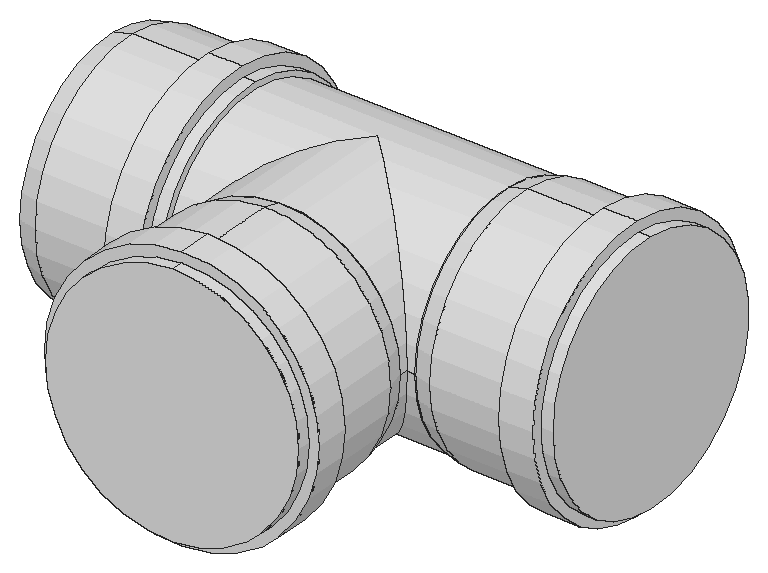
Revit family "Redi_Фитинг_ПВХ_Тройник_Большой_Радиус_Закругления", category Соединительные детали трубопроводов, Revit 2019
Family settings
  Размер круглого соединителя = Использовать диаметр
  Тип детали = Тройник
  На основе рабочей плоскости = Нет
  Всегда вертикально = Да
  При загрузке вырезать с полостями = Нет
  Общий = Нет
Parameters (values of type "Redi")
  Угол [instance] = 87.00°
  Типовой = no
  Раструб Длина [instance] = size_lookup(Поиск в таблице имен, "LR1", ADSK_Диаметр условный * 2, ADSK_Диаметр условный, Диаметр условный 1, ADSK_Угол)  # 55.6 mm
  Раструб Видимость 1.2 [instance] = and(not(Угол > 90.00°), Раструб Подводящий)  # yes
  Раструб Видимость 2.2 [instance] = and(Угол > 90.00°, Раструб Подводящий)  # no
  Поиск в таблице имен 4 = ""
  Поиск в таблице имен 3 = ""
  Поиск в таблице имен 2 = "Redi_Фитинг_ПВХ_Тройник_Большой_Радиус_Закругления"
  Поиск в таблице имен = "Redi_Фитинг_ПВХ_Тройник_Большой_Радиус_Закругления"
  Размер засечки 2 [instance] = 50 mm  # constant formula
  Размер засечки 1 [instance] = 50 mm  # constant formula
  Раструб Подводящий [instance] = yes
  Description = ""
  Наименование [instance] = size_lookup(Поиск в таблице имен, "ADSK_Наименование", "Решение не найдено", ADSK_Диаметр условный, Диаметр условный 1, ADSK_Угол)  # "Тройник с большим радиусом закругления 87.3° DN110"
  Материал = 05 Пластик ПВХ Белый
  Assembly Code = ""
  Manufacturer = ""
  Раструб Видимость 2.1 [instance] = Угол > 90.00°  # no
  Раструб Видимость 1.1 [instance] = not(Угол > 90.00°)  # yes
  Z3 [instance] = if(Угол > 90.00°, if(Раструб Подводящий, size_lookup(Поиск в таблице имен, "z1", ADSK_Диаметр условный * 2, ADSK_Диаметр условный, Диаметр условный 1, ADSK_Угол), size_lookup(Поиск в таблице имен, "z1", ADSK_Диаметр условный * 2, ADSK_Диаметр условный, Диаметр условный 1, ADSK_Угол) + Раструб Длина), size_lookup(Поиск в таблице имен, "z3", ADSK_Диаметр условный * 2, ADSK_Диаметр условный, Диаметр условный 1, ADSK_Угол))  # 62 mm
  Z2 [instance] = size_lookup(Поиск в таблице имен, "z2", ADSK_Диаметр условный * 2, ADSK_Диаметр условный, Диаметр условный 1, ADSK_Угол)  # 62 mm
  Z1 [instance] = if(Угол > 90.00°, size_lookup(Поиск в таблице имен, "z3", ADSK_Диаметр условный * 2, ADSK_Диаметр условный, Диаметр условный 1, ADSK_Угол), if(Раструб Подводящий, size_lookup(Поиск в таблице имен, "z1", ADSK_Диаметр условный * 2, ADSK_Диаметр условный, Диаметр условный 1, ADSK_Угол), size_lookup(Поиск в таблице имен, "z1", ADSK_Диаметр условный * 2, ADSK_Диаметр условный, Диаметр условный 1, ADSK_Угол) + Раструб Длина))  # 57 mm
  URL = ""
  Диаметр условный 1 [instance] = 110 mm
  ADSK_Угол [instance] = if(or(Угол < 57.50°, Угол > 122.50°), 45.00°, if(or(Угол < 79.00°, Угол > 101.00°), 67.30°, 87.30°))  # 87.30°
  ADSK_Наименование краткое = "Тр."  # constant formula
  ADSK_Наименование [instance] = size_lookup(Поиск в таблице имен, "ADSK_Наименование", "Решение не найдено", ADSK_Диаметр условный, Диаметр условный 1, ADSK_Угол)  # "Тройник с большим радиусом закругления 87.3° DN110"
  ADSK_Масса_Текст [instance] = ""
  ADSK_Масса [instance] = 0
  ADSK_Марка = ""
  ADSK_Код изделия [instance] = size_lookup(Поиск в таблице имен 2, "ADSK_Код изделия", "Решение не найдено", ADSK_Диаметр условный, Диаметр условный 1, ADSK_Угол)  # "891355"
  ADSK_Завод-изготовитель = "Redi"  # constant formula
  ADSK_Единица измерения = "шт."  # constant formula
  ADSK_Диаметр условный [instance] = 110 mm
Reference planes
  plane 1 "По центру (Вперед/Назад)": y = 0
  plane 2: z = 0
  plane 3 "По центру (Влево/Вправо)": x = 0
  plane 4: x = -57
  plane 5: x = 62
Forms (mm)
  Sweep 1, solid, material "05 Пластик ПВХ Белый" <- "Материал", detail levels fine
    path in 3D
      loop
        line (62, 0, 0) -> (-57, 0, 0)
    profile origin (2.5, 0, 0) x (0, -1, 0) y (0, 0, 1)
      loop
        circle (0, 0) r 55
  Sweep 2, solid, material "05 Пластик ПВХ Белый" <- "Материал", detail levels fine
    path in 3D
      loop
        line (0, 0, 0) -> (3.245, -61.915, 0)
    profile origin (1.622, -30.958, 0) x (0.99863, 0.052336, 0) y (0, 0, 1)
      loop
        circle (0, 0) r 55
Cuts and joins
  joined: Sweep 1, Sweep 2
Lines and regions (mm)
  reference lines
    curve 1: line (0, 0, 0) -> (3.245, -61.915, 0)
    curve 3: line (62, 0, 0) -> (-57, 0, 0)
  sketch lines
    curve 2: line (0, 0, 0) -> (3.245, -61.915, 0)
    curve 4: line (62, 0, 0) -> (-57, 0, 0)
Dimensions and locks
  "Z2": curve 1 to curve 1
  "Z1": plane 4 to plane 3 "По центру (Влево/Вправо)"
  "Z3": plane 3 "По центру (Влево/Вправо)" to plane 5
  "ADSK_Диаметр условный": diameter of Sweep 1 sketch curve
  "Диаметр условный 1": diameter of Sweep 2 sketch curve
  "Угол": angle curve 1 to plane 1 "По центру (Вперед/Назад)"
  "Угол": angle nested 5 to plane 1 "По центру (Вперед/Назад)"
  aligned and locked: level to plane 2
  aligned and locked: plane 1 "По центру (Вперед/Назад)" to curve 1
  aligned and locked: plane 5 to nested 1
  aligned and locked: plane 1 "По центру (Вперед/Назад)" to nested 1
  aligned and locked: plane 4 to nested 2
  aligned and locked: plane 1 "По центру (Вперед/Назад)" to nested 2
  aligned and locked: nested 3 to plane 4
  aligned and locked: nested 4 to plane 5
  aligned and locked: curve 1 to nested 5
  aligned and locked: nested 5 to cut or joined group of Sweep 1, Sweep 2
  aligned and locked: plane 3 "По центру (Влево/Вправо)" to nested 6
  aligned and locked: plane 4 to nested 6
  aligned and locked: plane 5 to nested 6
Automatic sketch dimensions
  curve 3 to plane 4 = 0 mm
  curve 1 to plane 3 "По центру (Влево/Вправо)" = 0 mm
  curve 3 to plane 5 = 0 mm
  Sweep 1 sketch curve to profile plane = 0 mm  (x2)
  Sweep 2 sketch curve to profile plane = 0 mm  (x2)
Nested families
  nested 1: "Фитинг_ПП_Раструб(Влож)" at (62, 0, 0), ADSK_Диаметр условный <- "ADSK_Диаметр условный", visible <- "Раструб Видимость 1.1", Видимость <- "Раструб Видимость 1.1", type "Фитинг_ПП_Раструб(Влож)", detail levels fine
    with Толщина Стенки 2 1.5 mm, Толщина Стенки 1 2.4 mm, Длина 67 mm, Диаметр Наружный Трубного Кольца 124.4 mm, Диаметр Наружный 114.8 mm, Видимость yes, C 22 mm, B 6 mm, ADSK_Диаметр условный 110 mm, A 36 mm
  nested 2: "Фитинг_ПП_Раструб(Влож)" at (-124, 0, 0), ADSK_Диаметр условный <- "ADSK_Диаметр условный", visible <- "Раструб Видимость 1.2", Видимость <- "Раструб Видимость 1.2", type "Фитинг_ПП_Раструб(Влож)", detail levels fine
    with Толщина Стенки 2 1.5 mm, Толщина Стенки 1 2.4 mm, Длина 67 mm, Диаметр Наружный Трубного Кольца 124.4 mm, Диаметр Наружный 114.8 mm, Видимость yes, C 22 mm, B 6 mm, ADSK_Диаметр условный 110 mm, A 36 mm
  nested 3: "Фитинг_ПП_Раструб(Влож)" at (-57, 0, 0) x (-1, 0, 0) z (0, 0, 1), visible <- "Раструб Видимость 2.1", ADSK_Диаметр условный <- "ADSK_Диаметр условный", Видимость <- "Раструб Видимость 2.1", type "Фитинг_ПП_Раструб(Влож)", detail levels fine
    with Толщина Стенки 2 1.5 mm, Толщина Стенки 1 2.4 mm, Длина 67 mm, Диаметр Наружный Трубного Кольца 124.4 mm, Диаметр Наружный 114.8 mm, Видимость no, C 22 mm, B 6 mm, ADSK_Диаметр условный 110 mm, A 36 mm
  nested 4: "Фитинг_ПП_Раструб(Влож)" at (129, 0, 0) x (-1, 0, 0) z (0, 0, 1), visible <- "Раструб Видимость 2.2", ADSK_Диаметр условный <- "ADSK_Диаметр условный", Видимость <- "Раструб Видимость 2.2", type "Фитинг_ПП_Раструб(Влож)", detail levels fine
    with Толщина Стенки 2 1.5 mm, Толщина Стенки 1 2.4 mm, Длина 67 mm, Диаметр Наружный Трубного Кольца 124.4 mm, Диаметр Наружный 114.8 mm, Видимость no, C 22 mm, B 6 mm, ADSK_Диаметр условный 110 mm, A 36 mm
  nested 5: "Фитинг_ПП_Раструб(Влож)" at (3.245, -61.915, 0) x (0.0523, -0.9986, 0) z (0, 0, 1), ADSK_Диаметр условный <- "Диаметр условный 1", type "Фитинг_ПП_Раструб(Влож)", detail levels fine
    with Толщина Стенки 2 1.5 mm, Толщина Стенки 1 2.4 mm, Длина 67 mm, Диаметр Наружный Трубного Кольца 124.4 mm, Диаметр Наружный 114.8 mm, Видимость yes, C 22 mm, B 6 mm, ADSK_Диаметр условный 110 mm, A 36 mm
  nested 6: "CISP_УГО_Тройник" at (0, 0, 0), Угол <- "Угол", L3 <- "Z2", D1 <- "Размер засечки 1", D2 <- "Размер засечки 1", D3 <- "Размер засечки 2", type "CISP_УГО_Тройник", detail levels coarse+medium
    with Угол 87.00°, L3 62 mm, L2 62 mm, L1 57 mm, D3 50 mm, D2 50 mm, D1 50 mm
Connectors
  piping at (-57, 0, 0), diameter 110, driven by "ADSK_Диаметр условный"
    settings: on plane 4, index 1, connector inside diameter 609.6 mm, connector length 0 mm, flow factor 0, pipe flow 0.0 L/s, pressure drop 0.0 Pa, fitting loss kfactor 0, connector angle 0.00°, fixture units 0, engagement length 0 mm, angle of deflection 0.00°, flow configuration 0, flow direction 0, fitting loss method 0, system type 28, joint type 0, gender type 0, connector reference index 2, connector utility 0, adjustable connector no, is connector primary yes, connector description ""
  piping at (62, 0, 0), diameter 110, driven by "ADSK_Диаметр условный"
    settings: on plane 5, index 2, connector inside diameter 609.6 mm, connector length 0 mm, flow factor 0, pipe flow 0.0 L/s, pressure drop 0.0 Pa, fitting loss kfactor 0, connector angle 0.00°, fixture units 0, engagement length 0 mm, angle of deflection 0.00°, flow configuration 0, flow direction 0, fitting loss method 0, system type 28, joint type 0, gender type 0, connector reference index 1, connector utility 0, adjustable connector no, is connector primary no, connector description ""
  piping at (3.245, -61.915, 0), diameter 110, driven by "Диаметр условный 1", driven by "Угол"
    settings: on curve 1, index 3, connector inside diameter 609.6 mm, connector length 0 mm, flow factor 0, pipe flow 0.0 L/s, pressure drop 0.0 Pa, fitting loss kfactor 0, connector angle 87.00°, fixture units 0, engagement length 0 mm, angle of deflection 0.00°, flow configuration 0, flow direction 0, fitting loss method 0, system type 28, joint type 0, gender type 0, connector reference index -1, connector utility 0, adjustable connector no, is connector primary no, connector description ""
Definition of nested family "Фитинг_ПП_Раструб(Влож)"
  Parameters (values of type "CISP_Фитинг_ПП_Раструб")
    Толщина Стенки 2 [instance] = size_lookup(Поиск в таблице имен, "e3", 1 mm, ADSK_Диаметр условный)  # 1.5 mm
    Толщина Стенки 1 [instance] = size_lookup(Поиск в таблице имен, "e2", 1 mm, ADSK_Диаметр условный)  # 2.4 mm
    Поиск в таблице имен = "CISP_Фитинг_ПП_Раструб"
    Материал = none
    Длина [instance] = A + C + A / 4  # 67 mm
    Диаметр Наружный Трубного Кольца [instance] = ADSK_Диаметр условный + 2 * Толщина Стенки 1 + 4 * Толщина Стенки 1  # 124.4 mm
    Диаметр Наружный [instance] = ADSK_Диаметр условный + 2 * Толщина Стенки 1  # 114.8 mm
    Видимость [instance] = yes
    C [instance] = size_lookup(Поиск в таблице имен, "C", 1 mm, ADSK_Диаметр условный)  # 22 mm
    B [instance] = size_lookup(Поиск в таблице имен, "B", 1 mm, ADSK_Диаметр условный)  # 6 mm
    ADSK_Диаметр условный [instance] = 110 mm
    A [instance] = size_lookup(Поиск в таблице имен, "A", 1 mm, ADSK_Диаметр условный)  # 36 mm
  Reference planes
    plane 1 "По центру (Вперед/Назад)": y = 0
    plane 2: z = 0
    plane 3 "По центру (Влево/Вправо)": x = 0
    plane 4: x = 67
    plane 5: z = 57.4
    plane 6: z = -57.4
    plane 7: x = 45
    plane 8: x = 61
    plane 9: x = 9
    plane 10: z = 62.2
    plane 11: z = -62.2
    plane 12: z = 55
    plane 13: z = -55
  Forms (mm)
    Sweep 1, solid, material <- "Материал", visible <- "Видимость"
      path origin (0, 0, 0) x (1, 0, 0) y (0, 0, 1)
        loop
          line (9, 0) -> (67, 0)
      profile origin (38, 0, 0) x (0, 0, 1) y (0, -1, 0)
        loop
          circle (0, 0) r 57.4
    SweptBlend 2, solid, material <- "Материал", visible <- "Видимость"
      path origin (0, 0, 0) x (1, 0, 0) y (0, 0, 1)
        loop
          line (0, 0) -> (9, 0)
      profile origin (0, 0, 0) x (0, 0, 1) y (0, -1, 0)
        loop
          circle (0, 0) r 55
      end profile origin (9, 0, 0) x (0, 0, 1) y (0, -1, 0)
        loop
          circle (0, 0) r 57.4
    Sweep 3, solid, material <- "Материал", visible <- "Видимость"
      path origin (0, 0, 0) x (1, 0, 0) y (0, 0, 1)
        loop
          line (45, 0) -> (61, 0)
      profile origin (53, 0, 0) x (0, 0, 1) y (0, -1, 0)
        loop
          circle (0, 0) r 62.2
  Cuts and joins
    joined: Sweep 1, SweptBlend 2, Sweep 3
  Dimensions and locks
    "Длина": plane 4 to plane 3 "По центру (Влево/Вправо)"
    equal spacing: plane 5, level, plane 6
    "Диаметр Наружный": plane 5 to plane 6
    "C": plane 4 to plane 7
    "A": plane 7 to plane 9
    "B": plane 4 to plane 8
    equal spacing: plane 12, level, plane 13
    "ADSK_Диаметр условный": plane 12 to plane 13
    equal spacing: plane 10, level, plane 11
    "Диаметр Наружный Трубного Кольца": plane 10 to plane 11
    "Диаметр Наружный": diameter of Sweep 1 sketch curve
    "ADSK_Диаметр условный": diameter of SweptBlend 2 sketch curve
    "Диаметр Наружный": diameter of SweptBlend 2 sketch curve
    "Диаметр Наружный Трубного Кольца": diameter of Sweep 3 sketch curve
    aligned and locked: level to plane 2
    aligned and locked: plane 9 to Sweep 1 sketch curve
    aligned and locked: Sweep 1 sketch curve to plane 2
    aligned and locked: plane 4 to Sweep 1 sketch curve
    aligned and locked: plane 3 "По центру (Влево/Вправо)" to SweptBlend 2 sketch curve
    aligned and locked: plane 9 to SweptBlend 2 sketch curve
    aligned and locked: SweptBlend 2 sketch curve to level
    aligned and locked: plane 7 to Sweep 3 sketch curve
    aligned and locked: plane 8 to Sweep 3 sketch curve
    aligned and locked: Sweep 3 sketch curve to plane 2
  Automatic sketch dimensions
    Sweep 1 sketch curve to plane 1 "По центру (Вперед/Назад)" = 0 mm
    profile plane to Sweep 1 sketch curve = 0 mm
    SweptBlend 2 sketch curve to plane 1 "По центру (Вперед/Назад)" = 0 mm  (x2)
    profile plane to SweptBlend 2 sketch curve = 0 mm  (x2)
    Sweep 3 sketch curve to plane 1 "По центру (Вперед/Назад)" = 0 mm
    profile plane to Sweep 3 sketch curve = 0 mm
Definition of nested family "CISP_УГО_Тройник"
  Parameters (values of type "CISP_УГО_Тройник")
    Угол [instance] = 80.00°
    L3 [instance] = 120 mm
    L2 [instance] = 150 mm
    L1 [instance] = 100 mm
    D3 [instance] = 55 mm
    D2 [instance] = 90 mm
    D1 [instance] = 120 mm
  Reference planes
    plane 1 "По центру (Вперед/Назад)": y = 0
    plane 2: z = 0
    plane 3 "По центру (Влево/Вправо)": x = 0
    plane 4: x = -100
    plane 5: x = 150
    plane 6: y = 60
    plane 7: y = -60
    plane 8: y = 45
    plane 9: y = -45
  Lines and regions (mm)
    reference lines
      curve 1: line (0, 0, 0) -> (20.838, -118.177, 0)
    model lines
      curve 2: line (-100, 0, 0) -> (150, 0, 0)
      curve 3: line (0, 0, 0) -> (20.838, -118.177, 0)
      curve 4: line (150, 45, 0) -> (150, -45, 0)
      curve 5: line (-100, 60, 0) -> (-100, -60, 0)
      curve 6: line (-6.244, -122.952, 0) -> (47.92, -113.402, 0)
  Dimensions and locks
    "L3": curve 1 to curve 1
    "L1": plane 4 to plane 3 "По центру (Влево/Вправо)"
    "L2": plane 3 "По центру (Влево/Вправо)" to plane 5
    "L3": curve 3 to curve 3
    equal spacing: plane 6, plane 1 "По центру (Вперед/Назад)", plane 7
    "D1": plane 6 to plane 7
    equal spacing: plane 8, plane 1 "По центру (Вперед/Назад)", plane 9
    "D2": plane 8 to plane 9
    equal spacing: curve 6, curve 3, curve 6
    "D3": curve 6 to curve 6
    locked: curve 3 to curve 1 at 0
    "Угол": angle curve 1 to plane 1 "По центру (Вперед/Назад)"
    "Угол": angle curve 3 to plane 1 "По центру (Вперед/Назад)"
    locked: curve 6 to curve 1 (angle 90.00°)
    aligned and locked: level to plane 2
    aligned and locked: plane 3 "По центру (Влево/Вправо)" to curve 1
    aligned and locked: plane 1 "По центру (Вперед/Назад)" to curve 1
    aligned and locked: plane 4 to curve 2
    aligned and locked: plane 1 "По центру (Вперед/Назад)" to curve 2
    aligned and locked: plane 8 to curve 4
    aligned and locked: plane 9 to curve 4
    aligned and locked: curve 4 to plane 5
    aligned and locked: curve 5 to plane 4
    aligned and locked: curve 6 to curve 1
  Automatic sketch dimensions
    curve 5 to plane 7 = 0 mm
    curve 5 to plane 6 = 0 mm
